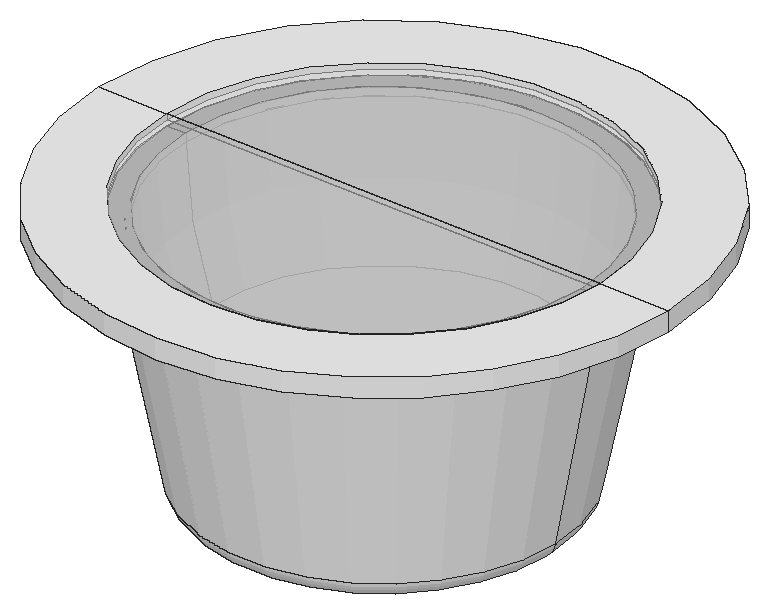
Revit family "2060567+2039013 Sylvania Lighting Fixture ASCENT 100 II ARCH 2700 4K DALI 160 with IP54 PC Cover", category Lighting Fixtures, host Face, Revit 2016
Family settings
  Host = Face
  Part Type = Normal
  Round Connector Dimension = Use Diameter
  OmniClass Number = 23.80.70.11.17
  OmniClass Title = Specialized Lighting by Location or Use
  Cut with Voids When Loaded = No
  Light Source = Yes
  Shared = No
  Room Calculation Point = No
Parameters (values of type "2060567+2039013 ASCT100 II ARCH 2700 4K DALI 160 with IP54 PC Cover")
  WidthBezelAcc_SYL = 25.0 mm
  Weight = "1.2 kg"
  Wattage = 21 W
  WarrantyStartDate [instance] = "n/a"
  WarrantyGuarantorParts = "n/a"
  WarrantyDurationUnit = "n/a"
  WarrantyDurationParts = "n/a"
  WarrantyDescription = "n/a"
  built-in parameter 1150110 = 1 (stored number, unit not read)
  Voltage = 0 V
  VisibilityAccessory_SYL = yes
  TypeName = "ASCENT 100 II ARCH 2700 4K DALI 160 with IP54 PC Cover"
  built-in parameter 1114217 = 1 (stored number, unit not read)
  Tilt Angle = -90°
  built-in parameter 1150109 = 1 (stored number, unit not read)
  built-in parameter 1150134 = 12
  built-in parameter 1150113 = 1 (stored number, unit not read)
  SerialNumber [instance] = "n/a"
  ReflectorRadius_SYL = Radius_SYL - 14.5 mm  # 80.0 mm
  RadiusAcc_SYL = 105.0 mm
  Radius_SYL = 94.5 mm
  URL = "http://www.sylvania-lighting.com"
  PowerFactor = 0
  PowerConsumption = "21 W"
  Photometric Web File = "2060567.ies"
  NominalWidth = 0.0 mm
  NominalLength = 0.0 mm
  NominalHeight = 94.0 mm
  Name = "ASCENT 100 II ARCH 2700 4K DALI 160 with IP54 PC Cover"
  ModelReference = "ASCENT 100 II ARCH 2700 4K DALI 160 with IP54 PC Cover"
  ModelNumber = "2060567+2039013"
  Material_4_SYL = none
  Material_3_SYL = Polycarbonate_Sylvania_Ascent_Clear
  Material_2_SYL = Aluminium_Sylvania_Ascent_Silver
  Material_1_SYL = Aluminum_Sylvania_Ascent_White
  Material = "aluminium housing, arcylic diffuser"
  ManufacturerName = "Feilo Sylvania"
  LuminousEfficacy = "132 lm/W"
  built-in parameter 1150105 = 220.59 (stored number, unit not read)
  Lumens = 2772 lm
  LuminaireType = ""
  built-in parameter 1150115 = 1 (stored number, unit not read)
  LightOutputRatio = "100"
  built-in parameter 1150137 = (empty or 0)
  built-in parameter 1150139 = (empty or 0)
  LampsType = Lamp  # "LED"
  LampNominalLuminous = "2767 lm"
  LampMacAdamStep = "3"
  LampColourTemperature = "4000 K"
  LampColourRenderingIndex = "80"
  built-in parameter 1150112 = 1 (stored number, unit not read)
  built-in parameter 1150114 = 1 (stored number, unit not read)
  Keynote = "16500"
  InstallationDate [instance] = "n/a"
  InputVoltage = "n/a"
  InputNominalFrequency = "n/a"
  built-in parameter 1150132 = (empty or 0)
  built-in parameter 1150102 = (empty or 0)
  built-in parameter 1150107 = 4000 (stored number, unit not read)
  built-in parameter 1150138 = (empty or 0)
  IngressProtection = "IP54"
  ImpactProtectionIndex = "IK02"
  built-in parameter 1150106 = 2.2059 (stored number, unit not read)
  IfcExportType = "IfcLightFixtureType"
  IfcExportAs = "IfcLightFixtureType"
  Height_SYL = 94.0 mm
  HeightAcc_SYL = 7.0 mm
  ExpectedLife = 50000
  EmittionSurface_SYL = if(VisibilityAccessory_SYL, 7.0 mm, 3.0 mm)  # 7.0 mm
  Emit from Circle Diameter = DiffuserRadius_SYL * 2  # 146.0 mm
  Emit Shape Visible in Rendering = no
  ElectricShockClassification = "Class II"
  built-in parameter 1150104 = 12.263 (stored number, unit not read)
  DurationUnit = "hours"
  DocumentationLiterature = "http://www.sylvania-lighting.com/product/en-int/products/2060567"
  DimmingControlOptions = "n/a"
  Dimming Lamp Color Temperature Shift = <None>
  DiffuserRadius_SYL = ReflectorRadius_SYL - 7.0 mm  # 73.0 mm
  Diameter_SYL = 2 * Radius_SYL  # 189.0 mm
  CutoutDiameter_SYL = Diameter_SYL - 13.0 mm  # 176.0 mm
  CreatedOn = "9/17/2018"
  CreatedBy = "@sylvania-lighting.com"
  Color Filter = 16777215
  built-in parameter 1114216 [instance] = 1 (stored number, unit not read)
  Model = "ASCENT 100 II ARCH 2700 4K DALI 160 with IP54 PC Cover"
  Manufacturer = "Feilo Sylvania"
  Lamp = "LED"
  Description = "Direct LED retro fit for original LED 100 Arch (160) single CFL lamp offering Matching lumen levels and improved light distribution of original LED 100 CFL lamp equivalents Typically half the power consumption compared to CFL Up to 112lm/W 160mm aperture Architectural reflector accepts range of glass accessories from existing LED 100 Arch 160 offering HE, HO and VHO versions equivalent of single 1 x 18W, 1 x 32W, 1 x 42W\r\n Additional VVHO versions which offer the performance circa 2 x 32W equivalent"  # constant formula
  Default Elevation = 0.0 mm
  built-in parameter 1140040 [instance] = 1
  BarCode [instance] = "n/a"
  built-in parameter 1114218 = 1 (stored number, unit not read)
  built-in parameter 1150133 = 10 (stored number, unit not read)
  AssetType = "Fixed"
  AssetIdentifier [instance] = "n/a"
  Assembly Code = "D5020200"
  Apparent Load = 21 VA
  Aperture_SYL = 2 * ReflectorRadius_SYL  # 160.0 mm
Reference planes
  plane 1 "Center (Front/Back)": y = 0
  plane 2: z = 0
  plane 3 "Center (Left/Right)": x = 0
  plane 4 "Fixture Bottom": z = 3
  plane 5: z = -52.5
  plane 6 "Fixture Top": z = -91
  plane 7: x = -105
  plane 8: z = 7
  plane 9: x = -80
  plane 10: z = 5
  plane 11: x = -103
Forms (mm)
  Extrusion 1, solid, material "Aluminum_Sylvania_Ascent_White", detail levels fine
    sketch origin (0, 0, 0) x (1, 0, 0) y (0, 1, 0)
      loop
        circle (0, 0) r 94.5
      loop
        circle (0, 0) r 80
    from 0 to 3
  Extrusion 2, void
    sketch origin (0, 0, 0) x (1, 0, 0) y (0, 1, 0)
      loop
        circle (0, 0) r 88
    from -91 to 3
  Revolve 3, solid, material "Aluminum_Sylvania_Ascent_White" <- "Material_1_SYL", detail levels fine
    sketch origin (0, 0, 0) x (1, 0, 0) y (0, 0, 1)
      loop
        line (0, -91.073) -> (0, -89.023) -> (-55.468, -89.014)
        arc (-55.468, -89.014) -> (-59.352, -87.613) -> (-61.54, -84.139) r 6.307
        line (-61.54, -84.139) -> (-77.991, -2.844) -> (-77.991, 0) -> (-80, 0) -> (-80, -3) -> (-63.5, -84.536)
        arc (-63.5, -84.536) -> (-60.643, -89.203) -> (-55.5, -91.073) r 8.291
        line (-55.5, -91.073) -> (0, -91.073)
      axis (0, 0) -> (0, -91.073)
    angle from 0 to 360
  Revolve 4, solid, material "Aluminium_Sylvania_Ascent_Silver" <- "Material_2_SYL", detail levels fine
    sketch origin (0, 0, 0) x (1, 0, 0) y (0, 0, 1)
      loop
        line (-80, 3) -> (-80, 0) -> (-75, 0)
        arc (-75, 0) -> (-72.349, -26.77) -> (-64.5, -52.5) r 136.5
        line (-64.5, -52.5) -> (-58, -52.5)
        arc (-58, -52.5) -> (-56.857, -61.521) -> (-53.5, -69.971) r 36.166
        line (-53.5, -69.971) -> (0, -69.971) -> (0, -50.5) -> (-63.16, -50.5)
        arc (-63.16, -50.5) -> (-70.517, -25.725) -> (-73, 0) r 134.5
        line (-73, 0) -> (-73, 3) -> (-80, 3)
      axis (0, 3) -> (0, -69.971)
    angle from 0 to 360
  Extrusion 5, solid, material "Polycarbonate_Sylvania_Ascent_Clear" <- "Material_3_SYL", detail levels fine
    sketch origin (0, 0, 0) x (1, 0, 0) y (0, 1, 0)
      loop
        circle (0, 0) r 73
    from 0 to 3
  Revolve 6, solid, material "Aluminum_Sylvania_Ascent_White" <- "Material_1_SYL", detail levels coarse+medium
    sketch origin (0, 0, 0) x (1, 0, 0) y (0, 0, 1)
      loop
        line (0, -91.073) -> (0, 3) -> (-94.5, 3) -> (-94.5, 0) -> (-79.5, 0) -> (-79.5, -3) -> (-63, -84.536)
        arc (-63, -84.536) -> (-60.143, -89.203) -> (-55, -91.073) r 8.291
        line (-55, -91.073) -> (0, -91.073)
      axis (0, 3) -> (0, -91.073)
    angle from 0 to 360
  Revolve 7, solid, material "Aluminum_Sylvania_Ascent_White" <- "Material_1_SYL", visible <- "VisibilityAccessory_SYL"
    sketch origin (0, 0, 0) x (1, 0, 0) y (0, 0, 1)
      loop
        line (-105, 0) -> (-103, 0) -> (-103, 5) -> (-80, 5) -> (-80, 7) -> (-105, 7) -> (-105, 0)
      axis (0, 7) -> (0, 0)
    angle from 0 to 360
  Revolve 8, solid, material "Polycarbonate_Sylvania_Ascent_Clear" <- "Material_3_SYL", visible <- "VisibilityAccessory_SYL"
    sketch origin (0, 0, 0) x (1, 0, 0) y (0, 0, 1)
      loop
        line (-80, 7) -> (-80, 5) -> (0, 5) -> (0, 7) -> (-80, 7)
      axis (0, 7) -> (0, 5)
    angle from 0 to 360
Lines and regions (mm)
  reference lines
    curve 1: line (-150, 0, 7) -> (125, 0, 7)
Dimensions and locks
  locked: plane 4 "Fixture Bottom" to plane 2 at 3
  "Height_SYL": plane 4 "Fixture Bottom" to plane 6 "Fixture Top"
  "ReflectorRadius_SYL": plane 3 "Center (Left/Right)" to Revolve 4 sketch curve
  locked: Revolve 4 sketch curve to Revolve 4 sketch curve at 15.5
  locked: Revolve 4 sketch curve to Revolve 4 sketch curve at 5
  locked: Revolve 4 sketch curve to Revolve 4 sketch curve at 7
  locked: Revolve 4 sketch curve to Revolve 4 sketch curve at 22
  locked: Revolve 4 sketch curve to Revolve 4 sketch curve at 26.5
  locked: Revolve 3 sketch curve to Revolve 3 sketch curve at 16.5
  locked: Revolve 3 sketch curve to Revolve 3 sketch curve at 24.5
  "ReflectorRadius_SYL": Revolve 3 sketch curve to plane 3 "Center (Left/Right)"
  locked: Revolve 3 sketch curve to plane 6 "Fixture Top" at 6.464
  locked: plane 2 to Revolve 3 sketch curve at 3
  locked: Revolve 3 sketch curve to Revolve 3 sketch curve at 2
  locked: Revolve 3 sketch curve to Revolve 3 sketch curve at 2.009
  locked: plane 2 to plane 5 at 52.5
  locked: Revolve 6 sketch curve to Revolve 6 sketch curve at 31.5
  locked: Revolve 6 sketch curve to Revolve 6 sketch curve at 39.5
  locked: Revolve 6 sketch curve to Revolve 6 sketch curve at 15
  "Radius_SYL": plane 3 "Center (Left/Right)" to Revolve 6 sketch curve
  "RadiusAcc_SYL": plane 3 "Center (Left/Right)" to plane 7
  "HeightAcc_SYL": plane 8 to level
  "WidthBezelAcc_SYL": plane 7 to plane 9
  locked: plane 7 to plane 11 at 2
  locked: plane 8 to plane 10 at 2
  "EmittionSurface_SYL": curve 1 to level
  "CutoutDiameter_SYL": diameter of Extrusion 2 sketch curve
  "ReflectorRadius_SYL": radius of Extrusion 1 sketch curve
  "DiffuserRadius_SYL": radius of Extrusion 5 sketch curve
  "Radius_SYL": radius of Extrusion 1 sketch curve
  aligned and locked: host face to plane 2
  aligned and locked: host face to level
  aligned and locked: plane 4 "Fixture Bottom" to Extrusion 1
  aligned and locked: Extrusion 1 to plane 2
  aligned and locked: Revolve 3 sketch curve to plane 3 "Center (Left/Right)"
  aligned and locked: Revolve 4 sketch curve to plane 3 "Center (Left/Right)"  (x2)
  aligned and locked: plane 4 "Fixture Bottom" to Revolve 4 sketch curve
  aligned and locked: Extrusion 5 to plane 2
  aligned and locked: plane 2 to Revolve 3 sketch curve  (x2)
  aligned and locked: Revolve 6 sketch curve to plane 3 "Center (Left/Right)"
  aligned and locked: plane 6 "Fixture Top" to Extrusion 2
  aligned and locked: Revolve 7 sketch curve to plane 3 "Center (Left/Right)"
  aligned and locked: host face to Revolve 7 sketch curve  (x2)
  aligned and locked: Revolve 7 sketch curve to plane 7
  aligned and locked: plane 8 to Revolve 7 sketch curve
  aligned and locked: plane 9 to Revolve 7 sketch curve
  aligned and locked: Revolve 7 sketch curve to plane 10
  aligned and locked: plane 11 to Revolve 7 sketch curve
  aligned and locked: Revolve 7 to Revolve 8 sketch curve
  aligned and locked: Revolve 8 sketch curve to Revolve 7  (x2)
  aligned and locked: Revolve 8 sketch curve to plane 3 "Center (Left/Right)"  (x2)
  aligned and locked: plane 3 "Center (Left/Right)" to imposter light
  aligned and locked: imposter light to plane 1 "Center (Front/Back)"
  aligned and locked: imposter light to curve 1
Automatic sketch dimensions
  plane 1 "Center (Front/Back)" to Extrusion 2 sketch curve = 0.0 mm
  Extrusion 2 sketch curve to plane 3 "Center (Left/Right)" = 0.0 mm
  Extrusion 1 sketch curve to Extrusion 1 sketch curve = 0.0 mm  (x2)
  plane 1 "Center (Front/Back)" to Extrusion 1 sketch curve = 0.0 mm
  Extrusion 1 sketch curve to plane 3 "Center (Left/Right)" = 0.0 mm
  plane 6 "Fixture Top" to Revolve 3 sketch curve = 0.073 mm
  Revolve 3 sketch curve to plane 6 "Fixture Top" = 6.861 mm
  Revolve 3 sketch curve to Revolve 3 sketch curve = 0.003 mm
  Revolve 3 sketch curve to Revolve 3 sketch curve = 0.009 mm  (x2)
  Revolve 3 sketch curve to Revolve 3 sketch curve = 0.023 mm
  Revolve 3 sketch curve to Revolve 3 sketch curve = 0.072 mm
  Revolve 3 sketch curve to Revolve 3 sketch curve = 0.008 mm
  Revolve 3 sketch curve to plane 6 "Fixture Top" = 1.977 mm
  Revolve 3 sketch curve to Revolve 3 sketch curve = 33.496 mm
  Revolve 3 sketch curve to Revolve 3 sketch curve = 0.028 mm
  plane 4 "Fixture Bottom" to Revolve 3 sketch curve = 82.431 mm
  Revolve 4 sketch curve to Revolve 4 sketch curve = 0.0 mm  (x2)
  Revolve 4 sketch curve to plane 5 = 0.0 mm
  Revolve 4 sketch curve to level = 0.0 mm
  plane 5 to Revolve 4 sketch curve = 2.0 mm
  plane 4 "Fixture Bottom" to Revolve 4 sketch curve = 9.642 mm
  plane 1 "Center (Front/Back)" to Extrusion 5 sketch curve = 0.0 mm
  Extrusion 5 sketch curve to plane 3 "Center (Left/Right)" = 0.0 mm
  Revolve 4 sketch curve to level = 69.971 mm
  Revolve 4 sketch curve to Revolve 4 sketch curve = 2.387 mm
  Revolve 6 sketch curve to level = 0.0 mm
  Revolve 6 sketch curve to plane 3 "Center (Left/Right)" = 0.0 mm
  Revolve 6 sketch curve to Revolve 6 sketch curve = 8.104 mm
  Revolve 6 sketch curve to level = 3.0 mm
  Revolve 6 sketch curve to plane 6 "Fixture Top" = 6.464 mm
  plane 6 "Fixture Top" to Revolve 6 sketch curve = 0.073 mm
  Revolve 6 sketch curve to Revolve 6 sketch curve = 33.496 mm
  plane 4 "Fixture Bottom" to Revolve 6 sketch curve = 82.431 mm
  host sketch curve to host sketch curve = 1704.996 mm
  host sketch curve to host sketch curve = 1500.0 mm
  plane 6 "Fixture Top" to Revolve 7 sketch curve = 281.274 mm
  Revolve 7 sketch curve to plane 8 = 1140.706 mm
  plane 6 "Fixture Top" to Revolve 8 sketch curve = 281.274 mm
  Revolve 8 sketch curve to Revolve 8 sketch curve = 1140.706 mm
  Revolve 3 sketch curve to plane 3 "Center (Left/Right)" = 0.0 mm
  Revolve 6 sketch curve to plane 4 "Fixture Bottom" = 0.0 mm
  plane 7 to curve 1 = 45.0 mm
  plane 3 "Center (Left/Right)" to curve 1 = 125.0 mm
Connectors
  electrical at (0, 0, -91.073), driven by "Apparent Load"
    settings: on Revolve 3, index 1, voltage 240 V, apparent load 0 VA, apparent load phase1 21 VA, apparent load phase2 0 VA, apparent load phase3 0 VA, power factor 1, load classification "Lighting", number of poles 1, system type 31, power factor state 1, is connector primary yes, connector utility no, sub classification motor no, connector description ""
